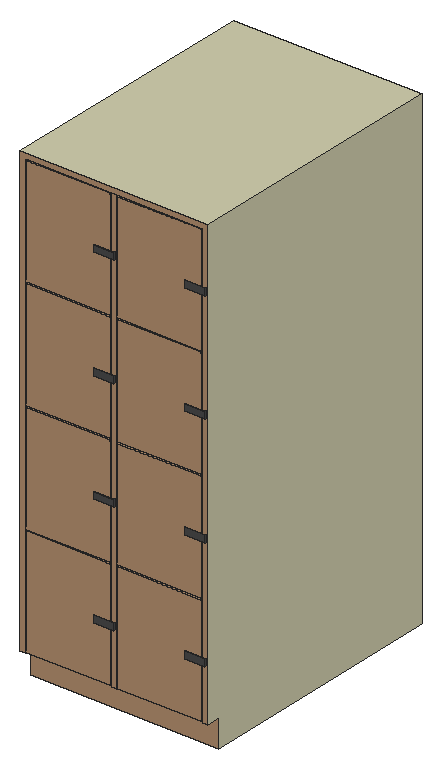
Revit family "Cabinet_Wenger_UltraStor_28", category Furniture, Revit 2015
Parameters (values of type "UltraStor Cabinet #28 - Comp Wood Doors")
  URL = "https://www.wengercorp.com/"
  Type Comments = ""
  Specification = "http://www.arcat.com/sdspecs/htm04/12_35_83wen.htm"
  Shelf Thickness = 0' - 1 1/8"
  Sales Information = "https://www.wengercorp.com/contact-us.php"
  Revision = "R1_2018-04"
  Rear Panel Thickness = 0' - 0 3/4"
  Product Data = "http://www.arcat.com/arcatcos/cos36/arc36487.html"
  Manufacturer Website = "https://www.wengercorp.com/"
  Manufacturer Phone - Toll Free = "800-4WENGER"
  Manufacturer Phone = "(507) 455-4100"
  Manufacturer Fax = "(507) 455-4258"
  Manufacturer Address = "555 Park Dr., Owatonna, MN 55060"
  Keynote = "12 35 83"
  HasDoors = yes
  Green Building-LEED = "http://www.arcat.com/green/clients/leed_data_36487.html"
  Drawn By = "Sumex Design, Inc. / Robert S. Weygant, CSI, CDT, SCIP"
  Door Width = (Cabinet Width - 0' 2 1/4") / 2  # 1' - 0 5/8"
  Door Style = Door_Base : Solid Door
  Door Material [instance] = Wenger Cherry (Use Cherry Edge Band Only)
  Door Height = (Cabinet Height - 0' 4 3/4") / 4  # 1' - 4 1/4"
  Toe Kick Material [instance] = Wenger Cherry (Use Cherry Edge Band Only)
  RH End Panel [instance] = no
  Model = "#28"
  Manufacturer = "Wenger Corporation"
  LH End Panel [instance] = no
  End Panel Material [instance] = Wenger Cherry (Use Cherry Edge Band Only)
  Edge Banding Material [instance] = Wenger Cherry (Use Cherry Edge Band Only)
  Cost = 0
  Copyright = "© 2018 Arcat Inc."
  Construction Details = "http://www.arcat.com/details/wengerco/wengerco.html?coid=36487"
  Body Material [instance] = Wenger - Oyster
  Description = "Wenger UltraStor Cabinet #28 - Comp Wood Doors"
  Cabinet Width = 2' - 3 1/2"
  Cabinet Height = 5' - 9 3/4"
  Installed Depth = 3' - 3 1/4"
  Cabinet Panel Thickness = 0' - 0 3/4"
  Assembly Code = "E2010200"
Types (14): name | Rear Panel Thickness | HasDoors | Door Width | Door Style | Door Material | Model | Description | Cabinet Width | Installed Depth
  Acoustic Cabinet #28 - No Doors | 0' - 3 1/4" | no | 1' - 0 5/8" | Door_Base : Solid Door | none | "#28A" | "Wenger Acoustic Cabinet #28 - No Doors" | 2' - 3 1/2" | 3' - 5 3/4"
  Narrow Acoustic Cabinet #28 - No Doors | 0' - 3 1/4" | no | 0' - 9 5/8" | Door_Base : Solid Door | none | "#28NA" | "Wenger Narrow Acoustic Cabinet #28 - No Doors" | 1' - 9 1/2" | 3' - 5 3/4"
  Narrow Acoustic Cabinet #28 - Comp Waterfall Grille Doors | 0' - 3 1/4" | yes | 0' - 9 5/8" | Door_Base : Waterfall | Painted Black | "#28NA" | "Wenger Narrow Acoustic Cabinet #28 - Comp Waterfall Grille Doors" | 1' - 9 1/2" | 3' - 5 3/4"
  Acoustic Cabinet #28 - Comp Grille Doors | 0' - 3 1/4" | yes | 1' - 0 5/8" | Door_Base : Bars | Painted Black | "#28A" | "Wenger Acoustic Cabinet #28 - Comp Grille Doors" | 2' - 3 1/2" | 3' - 5 3/4"
  Acoustic Cabinet #28 - Comp Waterfall Grille Doors | 0' - 3 1/4" | yes | 1' - 0 5/8" | Door_Base : Waterfall | Painted Black | "#28A" | "Wenger Acoustic Cabinet #28 - Comp Waterfall Grille Doors" | 2' - 3 1/2" | 3' - 5 3/4"
  Narrow Acoustic Cabinet #28 - Comp Grille Doors | 0' - 3 1/4" | yes | 0' - 9 5/8" | Door_Base : Bars | Painted Black | "#28NA" | "Wenger Narrow Acoustic Cabinet #28 - Comp Grille Doors" | 1' - 9 1/2" | 3' - 5 3/4"
  Narrow UltraStor Cabinet #28 - Comp Waterfall Grille Doors | 0' - 0 3/4" | yes | 0' - 9 5/8" | Door_Base : Waterfall | Painted Black | "#28N" | "Wenger Narrow Cabinet #28 - Comp Waterfall Grille Doors" | 1' - 9 1/2" | 3' - 3 1/4"
  UltraStor Cabinet #28 - Comp Waterfall Grille Doors | 0' - 0 3/4" | yes | 1' - 0 5/8" | Door_Base : Waterfall | Painted Black | "#28" | "Wenger UltraStor Cabinet #28 - Comp Waterfall Grille Doors" | 2' - 3 1/2" | 3' - 3 1/4"
  UltraStor Cabinet #28 - Comp Wood Doors | 0' - 0 3/4" | yes | 1' - 0 5/8" | Door_Base : Solid Door | Wenger Cherry (Use Cherry Edge Band Only) | "#28" | "Wenger UltraStor Cabinet #28 - Comp Wood Doors" | 2' - 3 1/2" | 3' - 3 1/4"
  UltraStor Cabinet #28 - Comp Grille Doors | 0' - 0 3/4" | yes | 1' - 0 5/8" | Door_Base : Bars | Painted Black | "#28" | "Wenger UltraStor Cabinet #28 - Comp Grille Doors" | 2' - 3 1/2" | 3' - 3 1/4"
  UltraStor Cabinet #28 - No Doors | 0' - 0 3/4" | no | 1' - 0 5/8" | Door_Base : Solid Door | none | "#28" | "Wenger UltraStor Cabinet #28 - No Doors" | 2' - 3 1/2" | 3' - 3 1/4"
  Narrow UltraStor Cabinet #28 - No Doors | 0' - 0 3/4" | no | 0' - 9 5/8" | Door_Base : Solid Door | none | "#28N" | "Wenger Narrow Cabinet #28 - No Doors" | 1' - 9 1/2" | 3' - 3 1/4"
  Narrow UltraStor Cabinet #28 - Comp Wood Doors | 0' - 0 3/4" | yes | 0' - 9 5/8" | Door_Base : Solid Door | Wenger Cherry (Use Cherry Edge Band Only) | "#28N" | "Wenger Narrow Cabinet #28 - Comp Wood Doors" | 1' - 9 1/2" | 3' - 3 1/4"
  Narrow UltraStor Cabinet #28 - Comp Grille Doors | 0' - 0 3/4" | yes | 0' - 9 5/8" | Door_Base : Bars | Painted Black | "#28N" | "Wenger Narrow Cabinet #28 - Comp Grille Doors" | 1' - 9 1/2" | 3' - 3 1/4"
Reference planes (in)
  plane 1 "Front": y = 0
  plane 2: z = 0
  plane 3 "Left": x = 0
  plane 4 "Right": x = 27.5
  plane 5 "Back": y = 39.25
  plane 6 "Top": z = 69.75
  plane 7: z = 4
  plane 8: z = 20.25
  plane 9: z = 36.5
  plane 10: z = 52.75
  plane 11: x = 0.75
  plane 12: x = 26.75
  plane 13: z = 69
  plane 14: x = 13.375
  plane 15: x = 14.125
  plane 16: y = 38.5
  plane 17: y = 2
  plane 18: y = 0.75
  plane 19: z = 21.375
  plane 20: z = 37.625
  plane 21: z = 53.875
  plane 22: z = 5.125
Forms (in)
  Extrusion 1, solid, material "Wenger - Oyster" <- "Body Material"
    sketch origin (0, 0, 0) x (0, 1, 0) y (0, 0, 1)
      loop
        line (0, 69.75) -> (0, 4) -> (2, 4) -> (2, 0) -> (39.25, 0) -> (39.25, 69.75) -> (0, 69.75)
    from 0 to 27.5
  Extrusion 2, void
    sketch origin (0, 0, 0) x (0, 1, 0) y (0, 0, 1)
      loop
        line (-5.5, 69) -> (-5.5, 4) -> (0.75, 4)
        arc (0.75, 4) -> (1.15915, 4.80234) -> (2, 5.125) r 1.25694
        line (2, 5.125) -> (38.5, 5.125) -> (38.5, 20.25) -> (0.19815, 20.25)
        arc (0.19815, 20.25) -> (1.09253, 21.03981) -> (2.23768, 21.375) r 2.74212
        line (2.23768, 21.375) -> (38.5, 21.375) -> (38.5, 36.5) -> (1.45157, 36.5)
        arc (1.45157, 36.5) -> (1.12121, 37.16568) -> (1.70541, 37.625) r 0.58905
        line (1.70541, 37.625) -> (38.5, 37.625) -> (38.5, 52.75) -> (0.75, 52.75)
        arc (0.75, 52.75) -> (0.76505, 53.55555) -> (1.50469, 53.875) r 0.74395
        line (1.50469, 53.875) -> (38.5, 53.875) -> (38.5, 69) -> (-5.5, 69)
    from 0.75 to 13.375
  Extrusion 3, void
    sketch origin (0, 0, 0) x (0, 1, 0) y (0, 0, 1)
      loop
        line (-5.5, 69) -> (-5.5, 4) -> (0.75, 4)
        arc (0.75, 4) -> (1.18296, 4.77588) -> (2, 5.125) r 1.375
        line (2, 5.125) -> (38.5, 5.125) -> (38.5, 20.25) -> (0.75, 20.25)
        arc (0.75, 20.25) -> (1.18296, 21.02588) -> (2, 21.375) r 1.375
        line (2, 21.375) -> (38.5, 21.375) -> (38.5, 36.5) -> (0.75, 36.5)
        arc (0.75, 36.5) -> (1.18296, 37.27588) -> (2, 37.625) r 1.375
        line (2, 37.625) -> (38.5, 37.625) -> (38.5, 52.75) -> (0.75, 52.75)
        arc (0.75, 52.75) -> (1.18296, 53.52588) -> (2, 53.875) r 1.375
        line (2, 53.875) -> (38.5, 53.875) -> (38.5, 69) -> (-5.5, 69)
    from 14.125 to 26.75
  Extrusion 4, void
    sketch origin (0, 0, 0) x (0, 1, 0) y (0, 0, 1)
      loop
        line (0, 69) -> (0, 4) -> (0.0625, 4) -> (0.0625, 69) -> (0, 69)
    from 0.75 to 26.75
Cuts and joins
  Extrusion 2, Extrusion 3, Extrusion 4 cuts Extrusion 1
Lines and regions (in)
  Masking region 1
    outline origin (0, 0, 0) x (1, 0, 0) y (0, 1, 0)
      loop
        line (0, 39.25) -> (0, 0) -> (27.5, 0) -> (27.5, 39.25) -> (0, 39.25)
Dimensions and locks (in)
  "Cabinet Panel Thickness": plane 3 "Left" to plane 11
  "Cabinet Panel Thickness": plane 12 to plane 4 "Right"
  "Cabinet Panel Thickness": plane 5 "Back" to plane 16
  locked: plane 1 "Front" to plane 18 at 0.75
  locked: plane 1 "Front" to plane 17 at 2
  "Shelf Thickness": plane 19 to plane 8
  "Shelf Thickness": plane 20 to plane 9
  "Shelf Thickness": plane 21 to plane 10
  "Cabinet Panel Thickness": plane 6 "Top" to plane 13
  equal spacing: plane 13, plane 10, plane 9, plane 8, plane 7
  "Shelf Thickness": plane 22 to plane 7
  "Cabinet Width": plane 3 "Left" to plane 4 "Right"
  locked: plane 7 to level at 4
  "Cabinet Height": plane 6 "Top" to level
  "Installed Depth": plane 1 "Front" to plane 5 "Back"
  "Door Width": plane 14 to plane 11
  "Door Width": plane 12 to plane 15
  plane 3 "Left" to plane 4 "Right" = 2' - 3 1/2"
  equal spacing: plane 5 "Back", nested 2, plane 1 "Front"
  equal spacing: plane 14, nested 2, plane 15
  aligned and locked: Extrusion 1 sketch curve to plane 6 "Top"
  aligned and locked: Extrusion 1 sketch curve to plane 5 "Back"
  aligned and locked: Extrusion 1 sketch curve to plane 1 "Front"
  aligned and locked: Extrusion 1 sketch curve to plane 7
  aligned and locked: Extrusion 1 sketch curve to plane 17
  aligned and locked: Extrusion 1 sketch curve to level
  aligned and locked: Extrusion 1 to plane 4 "Right"
  aligned and locked: Extrusion 1 to plane 3 "Left"
  aligned and locked: Extrusion 2 sketch curve to plane 13
  aligned and locked: Extrusion 2 sketch curve to plane 16
  aligned and locked: Extrusion 2 sketch curve to plane 10
  aligned and locked: Extrusion 2 sketch curve to plane 20
  aligned and locked: Extrusion 2 sketch curve to plane 9
  aligned and locked: Extrusion 2 sketch curve to plane 19
  aligned and locked: Extrusion 2 sketch curve to plane 8
  aligned and locked: Extrusion 2 sketch curve to plane 22
  aligned and locked: Extrusion 2 sketch curve to plane 21
  aligned and locked: Extrusion 2 to plane 11
  aligned and locked: plane 14 to Extrusion 2
  aligned and locked: Extrusion 3 to plane 12
  aligned and locked: Extrusion 3 to plane 15
  aligned and locked: Extrusion 4 sketch curve to cut or joined group of Extrusion 1, Extrusion 2, Extrusion 3, Extrusion 4  (x3)
  aligned and locked: Extrusion 4 to plane 12
  aligned and locked: Extrusion 4 to plane 11
  aligned and locked: nested 3 to plane 11
  aligned and locked: plane 14 to nested 3
  aligned and locked: nested 3 to plane 10
  aligned and locked: cut or joined group of Extrusion 1, Extrusion 2, Extrusion 3, Extrusion 4 to plane 15
  aligned and locked: cut or joined group of Extrusion 1, Extrusion 2, Extrusion 3, Extrusion 4 to plane 12
  aligned and locked: nested 4 to plane 10
  aligned and locked: plane 10 to cut or joined group of Extrusion 1, Extrusion 2, Extrusion 3, Extrusion 4
  aligned and locked: nested 6 to plane 9
  aligned and locked: nested 5 to plane 9
  aligned and locked: plane 9 to cut or joined group of Extrusion 1, Extrusion 2, Extrusion 3, Extrusion 4
  aligned and locked: nested 7 to plane 8
  aligned and locked: nested 8 to plane 8
  aligned and locked: nested 10 to plane 12
  aligned and locked: nested 8 to plane 12
  aligned and locked: nested 6 to plane 12
  aligned and locked: nested 4 to plane 12
  aligned and locked: nested 4 to plane 15
  aligned and locked: nested 6 to plane 15
  aligned and locked: nested 8 to plane 15
  aligned and locked: nested 10 to plane 15
  aligned and locked: plane 14 to nested 9
  aligned and locked: plane 14 to nested 7
  aligned and locked: plane 14 to nested 5
  aligned and locked: nested 5 to plane 11
  aligned and locked: nested 7 to plane 11
  aligned and locked: nested 9 to plane 11
  aligned and locked: plane 7 to cut or joined group of Extrusion 1, Extrusion 2, Extrusion 3, Extrusion 4
  aligned and locked: nested 10 to plane 7
  aligned and locked: nested 9 to plane 7
  aligned and locked: plane 18 to Extrusion 2 sketch curve
  aligned and locked: plane 1 "Front" to nested 11
  aligned and locked: nested 11 to level
  aligned and locked: nested 11 to plane 4 "Right"
  aligned and locked: Masking region 1 sketch curve to plane 5 "Back"
  aligned and locked: Masking region 1 sketch curve to plane 1 "Front"
  aligned and locked: plane 3 "Left" to Masking region 1 sketch curve
  aligned and locked: plane 4 "Right" to Masking region 1 sketch curve
Automatic sketch dimensions
  Extrusion 3 sketch curve to plane 13 = 0' - 0"
  Extrusion 3 sketch curve to plane 7 = 0' - 0"
  Extrusion 3 sketch curve to plane 18 = 0' - 0"  (x4)
  Extrusion 3 sketch curve to plane 10 = 0' - 0"
  Extrusion 3 sketch curve to plane 8 = 0' - 0"
  Extrusion 3 sketch curve to plane 9 = 0' - 0"
  Extrusion 3 sketch curve to plane 17 = 0' - 0"  (x4)
  Extrusion 3 sketch curve to plane 16 = 0' - 0"  (x4)
  Extrusion 3 sketch curve to plane 22 = 0' - 0"
  Extrusion 3 sketch curve to plane 19 = 0' - 0"
  Extrusion 3 sketch curve to plane 20 = 0' - 0"
  Extrusion 3 sketch curve to plane 21 = 0' - 0"
  plane 1 "Front" to Extrusion 3 sketch curve = 0' - 5 1/2"
  Extrusion 3 sketch curve to plane 17 = 0' - 0.10279"  (x4)
  plane 18 to Extrusion 4 sketch curve = 0' - 0 11/16"
  Extrusion 2 sketch curve to plane 7 = 0' - 0"
  plane 18 to Extrusion 2 sketch curve = 0' - 0.55185"
  Extrusion 2 sketch curve to plane 17 = 0' - 0"
  Extrusion 2 sketch curve to plane 17 = 0' - 0.23768"
  Extrusion 2 sketch curve to plane 16 = 0' - 0"  (x3)
  plane 1 "Front" to Extrusion 2 sketch curve = 0' - 5 1/2"
  Extrusion 2 sketch curve to plane 17 = 0' - 0.41696"
  Extrusion 2 sketch curve to plane 18 = 0' - 0"
  Extrusion 2 sketch curve to plane 18 = 0' - 0.70157"
  plane 17 to Extrusion 2 sketch curve = 0' - 0.29459"
  plane 17 to Extrusion 2 sketch curve = 0' - 0.49531"
  plane 17 to Extrusion 2 sketch curve = 0' - 0.61714"
  plane 17 to Extrusion 2 sketch curve = 0' - 0.30419"
Nested families (in)
  nested 1: "End Panel" at (0, 24.25, 0) x (0, -1, 0) z (0, 0, 1), End Panel Material <- "End Panel Material", visible <- "LH End Panel", Edge Banding Material <- "Edge Banding Material", type "End Panel"
    with End Panel Material Wenger Cherry (Use Cherry Edge Band Only), Edge Banding Material Wenger Cherry (Use Cherry Edge Band Only), End Panel Height 5' - 9 3/4", End Panel Depth 3' - 3 1/4"
  nested 2: "Labels" at (13.75, 19.625, 0), type "Labels"
  nested 3: "Door_Base" at (7.0625, 0, 52.75) x (1, 0, 0) z (0, -1, 0), type <- "Door Style", Height <- "Door Height", Width <- "Door Width", visible <- "HasDoors", type "Solid Door", detail levels medium+fine
    with vBars 11, Width 1' - 0 5/8", ToeKick Height 0' - 4", MidBar no, Height 1' - 4 1/4", BarHt 1' - 3 3/4", 2HzBars no
  nested 4: "Door_Base" at (20.4375, 0, 52.75) x (1, 0, 0) z (0, -1, 0), type <- "Door Style", Height <- "Door Height", Width <- "Door Width", visible <- "HasDoors", type "Solid Door", detail levels medium+fine
    with vBars 11, Width 1' - 0 5/8", ToeKick Height 0' - 4", MidBar no, Height 1' - 4 1/4", BarHt 1' - 3 3/4", 2HzBars no
  nested 5: "Door_Base" at (7.0625, 0, 36.5) x (1, 0, 0) z (0, -1, 0), type <- "Door Style", Height <- "Door Height", Width <- "Door Width", visible <- "HasDoors", type "Solid Door", detail levels medium+fine
    with vBars 11, Width 1' - 0 5/8", ToeKick Height 0' - 4", MidBar no, Height 1' - 4 1/4", BarHt 1' - 3 3/4", 2HzBars no
  nested 6: "Door_Base" at (20.4375, 0, 36.5) x (1, 0, 0) z (0, -1, 0), type <- "Door Style", Height <- "Door Height", Width <- "Door Width", visible <- "HasDoors", type "Solid Door", detail levels medium+fine
    with vBars 11, Width 1' - 0 5/8", ToeKick Height 0' - 4", MidBar no, Height 1' - 4 1/4", BarHt 1' - 3 3/4", 2HzBars no
  nested 7: "Door_Base" at (7.0625, 0, 20.25) x (1, 0, 0) z (0, -1, 0), type <- "Door Style", Height <- "Door Height", Width <- "Door Width", visible <- "HasDoors", type "Solid Door", detail levels medium+fine
    with vBars 11, Width 1' - 0 5/8", ToeKick Height 0' - 4", MidBar no, Height 1' - 4 1/4", BarHt 1' - 3 3/4", 2HzBars no
  nested 8: "Door_Base" at (20.4375, 0, 20.25) x (1, 0, 0) z (0, -1, 0), type <- "Door Style", Height <- "Door Height", Width <- "Door Width", visible <- "HasDoors", type "Solid Door", detail levels medium+fine
    with vBars 11, Width 1' - 0 5/8", ToeKick Height 0' - 4", MidBar no, Height 1' - 4 1/4", BarHt 1' - 3 3/4", 2HzBars no
  nested 9: "Door_Base" at (7.0625, 0, 4) x (1, 0, 0) z (0, -1, 0), type <- "Door Style", Height <- "Door Height", Width <- "Door Width", visible <- "HasDoors", type "Solid Door", detail levels medium+fine
    with vBars 11, Width 1' - 0 5/8", ToeKick Height 0' - 4", MidBar no, Height 1' - 4 1/4", BarHt 1' - 3 3/4", 2HzBars no
  nested 10: "Door_Base" at (20.4375, 0, 4) x (1, 0, 0) z (0, -1, 0), type <- "Door Style", Height <- "Door Height", Width <- "Door Width", visible <- "HasDoors", type "Solid Door", detail levels medium+fine
    with vBars 11, Width 1' - 0 5/8", ToeKick Height 0' - 4", MidBar no, Height 1' - 4 1/4", BarHt 1' - 3 3/4", 2HzBars no
  nested 11: "End Panel" at (28.25, 24.25, 0) x (0, -1, 0) z (0, 0, 1), End Panel Material <- "End Panel Material", Edge Banding Material <- "Edge Banding Material", visible <- "RH End Panel", type "End Panel"
    with End Panel Material Wenger Cherry (Use Cherry Edge Band Only), Edge Banding Material Wenger Cherry (Use Cherry Edge Band Only), End Panel Height 5' - 9 3/4", End Panel Depth 3' - 3 1/4"
Definition of nested family "End Panel"
  Parameters (values of type "End Panel")
    End Panel Material [instance] = none
    End Panel Height = 7' - 1 5/8"
    End Panel Depth = 1' - 9 3/4"
    Edge Banding Material [instance] = none
    Default Elevation = 4' - 0"
    Assembly Code = ""
  Reference planes (in)
    plane 1 "Center (Front/Back)": y = 0
    plane 2: z = 0
    plane 3 "Center (Left/Right)": x = 0
    plane 4: x = -15
    plane 5: x = 6.75
    plane 6: z = 4
    plane 7: x = 4.75
    plane 8: z = 85.625
    plane 9: y = -0.75
  Forms (in)
    Extrusion 1, solid, material <- "End Panel Material"
      sketch origin (0, 0, 0) x (1, 0, 0) y (0, 0, 1)
        loop
          line (-15, 85.625) -> (-15, 0) -> (4.75, 0) -> (4.75, 4) -> (6.75, 4) -> (6.75, 85.625) -> (-15, 85.625)
      from 0 to 0.75
  Lines and regions (in)
    Masking region 1, detail levels coarse+medium
      outline origin (0, 0, 0) x (1, 0, 0) y (0, 1, 0)
        loop
          line (-15, 0) -> (-15, -0.75) -> (6.75, -0.75) -> (6.75, 0) -> (-15, 0)
  Dimensions and locks (in)
    locked: plane 7 to plane 5 at 2
    locked: plane 6 to level at 4
    "End Panel Height": plane 8 to level
    "End Panel Depth": plane 5 to plane 4
    locked: plane 9 to plane 1 "Center (Front/Back)" at 0.75
    aligned and locked: plane 4 to Extrusion 1 sketch curve
    aligned and locked: level to Extrusion 1 sketch curve
    aligned and locked: plane 7 to Extrusion 1 sketch curve
    aligned and locked: plane 6 to Extrusion 1 sketch curve
    aligned and locked: Extrusion 1 sketch curve to plane 5
    aligned and locked: Extrusion 1 sketch curve to plane 8
    aligned and locked: Extrusion 1 to plane 9
    aligned and locked: Extrusion 1 to plane 1 "Center (Front/Back)"
    aligned and locked: plane 4 to Masking region 1 sketch curve
    aligned and locked: Masking region 1 sketch curve to plane 5
    aligned and locked: plane 1 "Center (Front/Back)" to Masking region 1 sketch curve
    aligned and locked: plane 9 to Masking region 1 sketch curve
Definition of nested family "Door_Base"
  Parameters (values of type "None")
    vBars [instance] = (Width - 0' 2") / 0' 1"  # 6
    Width [instance] = 0' - 8"
    ToeKick Height [instance] = 0' - 4"
    Thickness = 0' - 0 3/4"
    Solid Door = no
    Shelf Thickness = 0' - 0 3/4"
    Panel Thickness = 0' - 0 3/4"
    MidBar [instance] = and(Height < 1' 6", HasDoor, not(Solid Door))  # no
    Height [instance] = 1' - 2 5/8"
    HasDoor = no
    Edge Banding = none
    DoorGap = 0' - 0 1/8"
    Door Finish = none
    Depth = 2' - 0"
    Default Elevation = 4' - 0"
    Bars = no
    BarStyle = Bars : Waterfall
    BarHt [instance] = Height - 0' 0 1/2"  # 1' - 2 1/8"
    2HzBars [instance] = and(Height > 1' 6", not(Solid Door))  # no
  Types (4): name | Thickness | Solid Door | MidBar | HasDoor | Bars | BarStyle
    Solid Door | 0' - 0 3/4" | yes | no | yes | no | Bars : Waterfall
    Bars | 0' - 0 1/4" | no | yes | yes | yes | Bars : Straight
    Waterfall | 0' - 0 3/4" | no | yes | yes | yes | Bars : Waterfall
    None | 0' - 0 3/4" | no | no | no | no | Bars : Waterfall
  Reference planes (in)
    plane 1 "Center (Front/Back)": y = 0
    plane 2: z = 0
    plane 3 "Center (Left/Right)": x = 0
    plane 4: x = -4
    plane 5: y = 14.625
    plane 6: x = 4
    plane 7: z = -0.75
    plane 8: x = -3.875
    plane 9: x = 3.875
    plane 10: y = 0.125
    plane 11: y = 14.5
    plane 12: y = -0.75
    plane 13 "CL Elev": y = 7.3125
    plane 14: x = -3.75
    plane 15: x = 3.75
    plane 16 "BtmRail": y = 0.25
    plane 17: y = 14.375
    plane 18: z = -0.125
    plane 19: x = -2.75
    plane 20: x = 2.75
    plane 21: y = 9.66667
    plane 22: y = 4.95833
  Forms (in)
    Extrusion 1, solid, material <- "Door Finish", visible <- "Solid Door", detail levels medium+fine
      sketch origin (0, 0, 0) x (1, 0, 0) y (0, 1, 0)
        loop
          arc (-3.75, 14.5) -> (-3.83839, 14.46339) -> (-3.875, 14.375) r 0.125
          line (-3.875, 14.375) -> (-3.875, 0.25)
          arc (-3.875, 0.25) -> (-3.83839, 0.16161) -> (-3.75, 0.125) r 0.125
          line (-3.75, 0.125) -> (3.75, 0.125)
          arc (3.75, 0.125) -> (3.83839, 0.16161) -> (3.875, 0.25) r 0.125
          line (3.875, 0.25) -> (3.875, 14.375)
          arc (3.875, 14.375) -> (3.83839, 14.46339) -> (3.75, 14.5) r 0.125
          line (3.75, 14.5) -> (-3.75, 14.5)
      from 0 to -0.75
    Sweep 2, solid, material <- "Door Finish", visible <- "Bars", detail levels medium+fine
      path origin (0, 0, 0) x (1, 0, 0) y (0, 1, 0)
        loop
          arc (-3.125, 14.5) -> (-3.65533, 14.28033) -> (-3.875, 13.75) r 0.75
          line (-3.875, 13.75) -> (-3.875, 0.875)
          arc (-3.875, 0.875) -> (-3.65533, 0.34467) -> (-3.125, 0.125) r 0.75
          line (-3.125, 0.125) -> (3.125, 0.125)
          arc (3.125, 0.125) -> (3.65533, 0.34467) -> (3.875, 0.875) r 0.75
          line (3.875, 0.875) -> (3.875, 13.75)
          arc (3.875, 13.75) -> (3.65533, 14.28033) -> (3.125, 14.5) r 0.75
          line (3.125, 14.5) -> (-3.125, 14.5)
      profile origin (0, 14.5, 0) x (0, 1, 0) y (0, 0, 1)
        loop
          circle (-0.125, -0.125) r 0.125
    Extrusion 3, solid, material <- "Door Finish", visible <- "MidBar", detail levels medium+fine
      sketch origin (0, 0, 0) x (0, 1, 0) y (0, 0, 1)
        loop
          circle (7.3125, -0.125) r 0.125
      from -3.75 to 3.75
    Extrusion 4, solid, visible <- "HasDoor", detail levels fine
      sketch origin (0, 0, 0) x (1, 0, 0) y (0, 1, 0)
        loop
          line (1.5, 7.8125) -> (1.5, 6.8125) -> (4.5, 6.8125) -> (4.5, 7.8125) -> (1.5, 7.8125)
      from 0 to 0.125
    Extrusion 5, solid, material <- "Door Finish", visible <- "2HzBars", detail levels medium+fine
      sketch origin (0, 0, 0) x (0, 1, 0) y (0, 0, 1)
        loop
          circle (9.66667, -0.125) r 0.125
        loop
          circle (4.95833, -0.125) r 0.125
      from -3.75 to 3.75
  Lines and regions (in)
    symbolic lines, visible <- "HasDoor", detail levels medium+fine
      curve 1: line (4, 0.25, 0) -> (-4, 0.25, 0)
      curve 2: line (-4, 0.25, 0) -> (-4, 0.25, 8)
      curve 3: arc (4, 0.25, 0) -> (1.65685, 0.25, 5.65685) -> (-4, 0.25, 8) r 8
    symbolic lines, visible <- "HasDoor"
      curve 4: line (3.875, 0.25, 0) -> (3.875, 0.25, -0.75)
      curve 5: line (3.875, 0.25, -0.75) -> (-3.875, 0.25, -0.75)
      curve 6: line (-3.875, 0.25, -0.75) -> (-3.875, 0.25, 0)
    symbolic lines, detail levels medium
      curve 7: line (3.875, 14.5, 0) -> (-3.875, 7.3125, 0)
      curve 8: line (-3.875, 7.3125, 0) -> (3.875, 0.125, 0)
  Dimensions and locks (in)
    "Height": plane 1 "Center (Front/Back)" to plane 5
    "Thickness": level to plane 7
    equal spacing: plane 4, plane 3 "Center (Left/Right)", plane 6
    "Width": plane 4 to plane 6
    "DoorGap": plane 5 to plane 11
    "DoorGap": plane 9 to plane 6
    "DoorGap": plane 4 to plane 8
    "DoorGap": plane 1 "Center (Front/Back)" to plane 10
    "Shelf Thickness": plane 1 "Center (Front/Back)" to plane 12
    equal spacing: plane 1 "Center (Front/Back)", plane 13 "CL Elev", plane 5
    locked: plane 15 to plane 9 at 0.125
    locked: plane 8 to plane 14 at 0.125
    locked: plane 11 to plane 17 at 0.125
    locked: plane 16 "BtmRail" to plane 10 at 0.125
    locked: level to plane 18 at 0.125
    plane 19 to plane 14 = 0' - 1"
    locked: plane 15 to plane 20 at 1
    Extrusion 4 sketch curve to plane 13 "CL Elev" to Extrusion 4 sketch curve = 0' - 0 1/2" locked, 0' - 0 1/2" locked
    locked: plane 6 to Extrusion 4 sketch curve at 0.5
    locked: Extrusion 4 sketch curve to plane 6 at 2.5
    locked: Extrusion 4 to level at 0.125
    equal spacing: group 1, group 3, group 4, group 5, group 6, group 2  (x3)
    equal spacing: plane 17, plane 21, plane 22, plane 16 "BtmRail"
    "Width": radius of curve 3
    aligned and locked: plane 2 to level
    aligned and locked: Extrusion 1 sketch curve to plane 11
    aligned and locked: plane 8 to Extrusion 1 sketch curve
    aligned and locked: Extrusion 1 sketch curve to plane 9
    aligned and locked: plane 10 to Extrusion 1 sketch curve
    aligned and locked: Extrusion 1 to plane 7
    aligned and locked: level to Extrusion 1
    aligned and locked: Sweep 2 sketch curve to plane 11
    aligned and locked: plane 8 to Sweep 2 sketch curve
    aligned and locked: plane 10 to Sweep 2 sketch curve
    aligned and locked: Sweep 2 sketch curve to plane 9
    aligned and locked: plane 15 to Extrusion 3
    aligned and locked: Extrusion 3 to plane 14
    aligned and locked: plane 20 to nested 2
    aligned and locked: plane 19 to nested 1
    aligned and locked: plane 21 to Extrusion 5 sketch curve
    aligned and locked: plane 18 to Extrusion 5 sketch curve  (x2)
    aligned and locked: plane 22 to Extrusion 5 sketch curve
    aligned and locked: Extrusion 5 to Extrusion 3  (x2)
    aligned and locked: plane 4 to curve 3  (x2)
    aligned and locked: level to curve 3
    aligned and locked: plane 7 to curve 5
    aligned and locked: Extrusion 1 to plane 8
    aligned and locked: plane 9 to Extrusion 1
    aligned and locked: plane 10 to curve 8
    aligned and locked: plane 9 to curve 8
    aligned and locked: plane 13 "CL Elev" to curve 8
    aligned and locked: plane 11 to curve 7
    aligned and locked: plane 9 to curve 7
  Automatic sketch dimensions
    plane 8 to Sweep 2 sketch curve = 0' - 0 3/4"  (x2)
    Sweep 2 sketch curve to plane 9 = 0' - 0 3/4"
    Sweep 2 sketch curve to Sweep 2 sketch curve = 0' - 0 3/4"
    Sweep 2 sketch curve to level = 0' - 0 1/8"
    profile plane to Sweep 2 sketch curve = 0' - 0 1/8"
    Extrusion 3 sketch curve to level = 0' - 0 1/8"
    Extrusion 3 sketch curve to plane 13 "CL Elev" = 0' - 0"
    curve 8 to plane 8 = 0' - 0"
    Extrusion 1 sketch curve to plane 14 = 0' - 0"  (x2)
    Extrusion 1 sketch curve to plane 15 = 0' - 0"  (x2)
    curve 5 to plane 9 = 0' - 0"
    curve 6 to plane 8 = 0' - 0"
    radius of Sweep 2 sketch curve = 0' - 0 1/8"
    radius of Extrusion 3 sketch curve = 0' - 0 1/8"
    radius of Extrusion 5 sketch curve = 0' - 0 1/8"  (x2)
  Nested families (in)
    nested 1: "Bars" at (-2.75, 0.25, -0.125) x (1, 0, 0) z (0, 1, 0), type <- "BarStyle", visible <- "Bars", type "Waterfall", detail levels fine
      with Lateral Deviation 0' - 1", Height 1' - 2 1/8"
    nested 2: "Bars" at (2.75, 0.25, -0.125) x (1, 0, 0) z (0, 1, 0), type <- "BarStyle", visible <- "Bars", type "Waterfall", detail levels fine
      with Lateral Deviation 0' - 1", Height 1' - 2 1/8"
    nested 3: "Bars" at (-1.65, 0.25, -0.125) x (1, 0, 0) z (0, 1, 0), type <- "BarStyle", visible <- "Bars", type "Waterfall", detail levels fine
      with Lateral Deviation 0' - 1", Height 1' - 2 1/8"
    nested 4: "Bars" at (-0.55, 0.25, -0.125) x (1, 0, 0) z (0, 1, 0), type <- "BarStyle", visible <- "Bars", type "Waterfall", detail levels fine
      with Lateral Deviation 0' - 1", Height 1' - 2 1/8"
    nested 5: "Bars" at (0.55, 0.25, -0.125) x (1, 0, 0) z (0, 1, 0), type <- "BarStyle", visible <- "Bars", type "Waterfall", detail levels fine
      with Lateral Deviation 0' - 1", Height 1' - 2 1/8"
    nested 6: "Bars" at (1.65, 0.25, -0.125) x (1, 0, 0) z (0, 1, 0), type <- "BarStyle", visible <- "Bars", type "Waterfall", detail levels fine
      with Lateral Deviation 0' - 1", Height 1' - 2 1/8"
  Definition of nested family "Bars"
    Parameters (values of type "Straight")
      WaterFall = no
      Straight = yes
      Lateral Deviation = 0' - 1 1/2"
      Height = 1' - 2 5/8"
      Default Elevation = 4' - 0"
      Bars = none
    Types (3): name | WaterFall | Straight
      (no name) | no | yes
      Waterfall | yes | no
      Straight | no | yes
    Reference planes (in)
      plane 1 "Center (Front/Back)": y = 0
      plane 2: z = 0
      plane 3 "Center (Left/Right)": x = 0
      plane 4: z = 14.625
      plane 5: z = 7.3125
      plane 6: x = 0.75
      plane 7: x = -0.75
      plane 8: z = 10.96875
      plane 9: z = 3.65625
    Forms (in)
      Sweep 1, solid, material <- "Bars", visible <- "WaterFall"
        path origin (0, 0, 0) x (1, 0, 0) y (0, 0, 1)
          loop
            arc (0, 0) -> (0.56057, 1.79006) -> (0.75, 3.65625) r 9.28711
            arc (0.75, 3.65625) -> (0.56057, 5.52244) -> (0, 7.3125) r 9.28711
        profile origin (0.56057, 0, 1.79006) x (-0.979603, 0, 0.200944) y (0, -1, 0)
          loop
            circle (0, 0) r 0.0625
      Sweep 2, solid, material <- "Bars", visible <- "WaterFall"
        path origin (0, 0, 14.625) x (-1, 0, 0) y (0, 0, -1)
          loop
            arc (0, 0) -> (0.56057, 1.79006) -> (0.75, 3.65625) r 9.28711
            arc (0.75, 3.65625) -> (0.56057, 5.52244) -> (0, 7.3125) r 9.28711
        profile origin (-0.56057, 0, 12.83494) x (0.979603, 0, -0.200944) y (0, -1, 0)
          loop
            circle (0, 0) r 0.0625
      Extrusion 3, solid, material <- "Bars", visible <- "Straight"
        sketch origin (0, 0, 0) x (1, 0, 0) y (0, 1, 0)
          loop
            circle (0, 0) r 0.0625
        from 0 to 14.625
    Dimensions and locks (in)
      "Height": plane 4 to level
      equal spacing: plane 6, plane 3 "Center (Left/Right)", plane 7
      "Lateral Deviation": plane 6 to plane 7
      equal spacing: plane 4, plane 8, plane 5, plane 9, level
      aligned and locked: plane 2 to level
      aligned and locked: plane 3 "Center (Left/Right)" to Sweep 1 sketch curve  (x2)
      aligned and locked: level to Sweep 1 sketch curve
      aligned and locked: plane 6 to Sweep 1 sketch curve
      aligned and locked: plane 9 to Sweep 1 sketch curve
      aligned and locked: plane 4 to Sweep 2 sketch curve
      aligned and locked: plane 3 "Center (Left/Right)" to Sweep 2 sketch curve  (x2)
      aligned and locked: plane 8 to Sweep 2 sketch curve
      aligned and locked: plane 7 to Sweep 2 sketch curve
      aligned and locked: plane 5 to Sweep 2 sketch curve
      aligned and locked: plane 4 to Extrusion 3
      aligned and locked: Extrusion 3 to level
    Automatic sketch dimensions
      plane 1 "Center (Front/Back)" to Sweep 1 sketch curve = 0' - 0"
      Sweep 1 sketch curve to profile plane = 0' - 0"
      Sweep 1 sketch curve to Sweep 1 sketch curve = 0' - 0"
      Sweep 2 sketch curve to plane 1 "Center (Front/Back)" = 0' - 0"
      Sweep 2 sketch curve to profile plane = 0' - 0"
      plane 1 "Center (Front/Back)" to Extrusion 3 sketch curve = 0' - 0"
      Extrusion 3 sketch curve to plane 3 "Center (Left/Right)" = 0' - 0"
      radius of Sweep 1 sketch curve = 0' - 0 1/16"
      radius of Sweep 2 sketch curve = 0' - 0 1/16"
      radius of Extrusion 3 sketch curve = 0' - 0 1/16"
Definition of nested family "Labels"
  Parameters
    Cabinet Label = "01"
  Reference planes (in)
    plane 1: y = 0
    plane 2: x = 0
  Text (in)
    label "xxxx" at (-0.00018, 0.00754, 0), shows "Cabinet Label"
